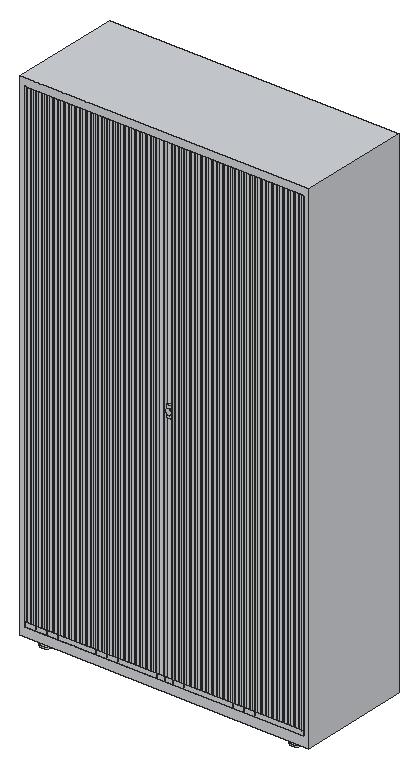
Revit family
Parameters (values of type "12T64")
  Width = 1200 mm
  Manufacturer = ""
  Height = 2111 mm
  Colour [instance] = ""
  Carbon Footprint = 0
  BLF Tambour Section = Height - 95 mm  # 2016 mm
Types (9, lengths in mm): name | Height | BLF Tambour Section
  (no name) | 2111 | 2016
  12T20 | 705 | 610
  12T24 | 857 | 762
  12T30 | 1010 | 915
  12T34 | 1160 | 1065
  12T50 | 1655 | 1560
  12T54 | 1807 | 1712
  12T60 | 1960 | 1865
  12T64 | 2111 | 2016
Reference planes
  plane 1 "Center (Front/Back)": y = 0
  plane 2: z = 0
  plane 3 "Center (Left/Right)": x = 0
  plane 4: y = 235
  plane 5: y = -235
  plane 6: x = -600
  plane 7: x = 600
  plane 8: z = 2111
  plane 9: z = 4
  plane 10: z = 25
  plane 11: z = 65
  plane 12: z = 2081
  plane 13: x = -580
  plane 14: x = 580
  plane 15: x = -0.5
  plane 16: x = 0.5
  plane 17: x = -520
  plane 18: x = 520
  plane 19: y = -195
  plane 20: y = 195
  plane 21: y = 233
  plane 22: y = -215
  plane 23: z = 1073
  plane 24: y = -233
  plane 25: z = 82
  plane 26: z = 1098
  plane 27: z = 1048
  plane 28: y = -231
  plane 29: y = -232.03
Forms (mm)
  Extrusion 1, solid
    sketch origin (0, 0, 0) x (1, 0, 0) y (0, 0, 1)
      loop
        line (-600, 2111) -> (-600, 25) -> (600, 25) -> (600, 2111) -> (-600, 2111)
      loop
        line (-580, 2081) -> (-580, 65) -> (580, 65) -> (580, 2081) -> (-580, 2081)
    from -235 to 235
  Extrusion 2, solid
    sketch origin (0, 0, 0) x (1, 0, 0) y (0, 0, 1)
      loop
        line (-580, 2081) -> (-580, 65) -> (580, 65) -> (580, 2081) -> (-580, 2081)
    from -235 to -233
  Extrusion 3, solid
    sketch origin (0, 0, 0) x (1, 0, 0) y (0, 1, 0)
      loop
        circle (-520, 195) r 25
      loop
        circle (520, 195) r 25
      loop
        circle (520, -195) r 25
      loop
        circle (-520, -195) r 25
    from 0 to 4
  Extrusion 4, solid
    sketch origin (0, 0, 0) x (1, 0, 0) y (0, 1, 0)
      loop
        circle (-520, 195) r 5
      loop
        circle (520, 195) r 5
      loop
        circle (520, -195) r 5
      loop
        circle (-520, -195) r 5
    from 4 to 25
  Extrusion 5, solid
    sketch origin (0, 0, 0) x (1, 0, 0) y (0, 1, 0)
      loop
        line (-580, -235) -> (580, -235) -> (580, -233) -> (-580, -233) -> (-580, -235)
    from 65 to 82
  Extrusion 6, solid
    sketch origin (0, 0, 0) x (1, 0, 0) y (0, 1, 0)
      loop
        line (-0.5, -215) -> (-35.5, -215) -> (-35.5, -233) -> (-31.5, -233) -> (-31.5, -223)
        spline (-31.5, -223) -> (-31.006, -221.706) -> (-29.557, -220.5) -> (-27.253, -219.464) -> (-24.25, -218.67) -> (-20.753, -218.17) -> (-17, -218) -> (-13.247, -218.17) -> (-9.75, -218.67) -> (-6.747, -219.464) -> (-4.443, -220.5) -> (-2.994, -221.706) -> (-2.5, -223)
        line (-2.5, -223) -> (-2.5, -233) -> (-0.5, -233) -> (-0.5, -215)
      loop
        line (0.5, -233) -> (2.5, -233) -> (2.5, -223)
        spline (2.5, -223) -> (2.994, -221.706) -> (4.443, -220.5) -> (6.747, -219.464) -> (9.75, -218.67) -> (13.247, -218.17) -> (17, -218) -> (20.753, -218.17) -> (24.25, -218.67) -> (27.253, -219.464) -> (29.557, -220.5) -> (31.006, -221.706) -> (31.5, -223)
        line (31.5, -223) -> (31.5, -233) -> (35.5, -233) -> (35.5, -215) -> (0.5, -215) -> (0.5, -233)
    from 65 to 2081
  Extrusion 7, solid
    sketch origin (0, 0, 0) x (1, 0, 0) y (0, 0, 1)
      loop
        line (2.5, 1073) -> (31.5, 1073) -> (31.5, 1098) -> (2.5, 1098) -> (2.5, 1073)
    from 215 to 231
  Extrusion 8, solid
    sketch origin (0, 0, -25) x (1, 0, 0) y (0, 0, 1)
      loop
        line (2.5, 1073) -> (31.5, 1073) -> (31.5, 1098) -> (2.5, 1098) -> (2.5, 1073)
    from 215 to 231
  Extrusion 9, solid
    sketch origin (0, 0, 0) x (1, 0, 0) y (0, 0, 1)
      loop
        circle (17, 1073) r 12.017
    from 215 to 232.03
Dimensions and locks
  plane 4 to plane 1 "Center (Front/Back)" to plane 5 = 235 mm locked, 235 mm locked
  equal spacing: plane 6, plane 3 "Center (Left/Right)", plane 7
  "Width": plane 6 to plane 7
  locked: plane 9 to plane 2 at 4
  locked: plane 10 to plane 9 at 21
  locked: plane 11 to plane 10 at 40
  locked: plane 8 to plane 12 at 30
  "Height": plane 8 to plane 2
  locked: plane 13 to plane 6 at 20
  locked: plane 7 to plane 14 at 20
  locked: plane 16 to plane 3 "Center (Left/Right)" at 0.5
  locked: plane 3 "Center (Left/Right)" to plane 15 at 0.5
  locked: plane 4 to plane 20 at 40
  locked: plane 19 to plane 5 at 40
  locked: plane 18 to plane 14 at 60
  locked: plane 13 to plane 17 at 60
  locked: plane 4 to plane 21 at 2
  locked: plane 22 to plane 5 at 20
  equal spacing: plane 12, plane 23, plane 11
  equal spacing: plane 26, plane 23, plane 27, locked at 25 each
  locked: plane 26 to plane 27 at 50
  equal spacing: group 1, group 3, group 4, group 5, group 6, group 7, group 8, group 9, group 10, group 11, group 12, group 13, group 14, group 15, group 16, group 17, group 18, group 19, group 20, group 21, group 22, group 23, group 24, group 2  (x3)
  equal spacing: group 25, group 27, group 28, group 29, group 30, group 31, group 32, group 33, group 34, group 35, group 36, group 37, group 38, group 39, group 40, group 41, group 42, group 43, group 44, group 45, group 46, group 47, group 48, group 26  (x3)
  radius of Extrusion 3 sketch curve = 25 mm
  aligned and locked: level to plane 2
  aligned and locked: Extrusion 1 sketch curve to plane 8
  aligned and locked: plane 6 to Extrusion 1 sketch curve
  aligned and locked: plane 10 to Extrusion 1 sketch curve
  aligned and locked: Extrusion 1 sketch curve to plane 7
  aligned and locked: Extrusion 1 sketch curve to plane 12
  aligned and locked: plane 13 to Extrusion 1 sketch curve
  aligned and locked: plane 11 to Extrusion 1 sketch curve
  aligned and locked: Extrusion 1 sketch curve to plane 14
  aligned and locked: plane 4 to Extrusion 1
  aligned and locked: Extrusion 1 to plane 5
  aligned and locked: Extrusion 2 sketch curve to Extrusion 1  (x4)
  aligned and locked: Extrusion 2 to plane 21
  aligned and locked: plane 9 to Extrusion 3
  aligned and locked: Extrusion 1 to Extrusion 5 sketch curve
  aligned and locked: Extrusion 5 sketch curve to Extrusion 1
  aligned and locked: plane 14 to Extrusion 5 sketch curve
  aligned and locked: plane 24 to Extrusion 5
  aligned and locked: Extrusion 5 to plane 11
  aligned and locked: plane 25 to Extrusion 5
  aligned and locked: plane 22 to Extrusion 6  (x2)
  aligned and locked: Extrusion 6 to Extrusion 5  (x4)
  aligned and locked: plane 12 to Extrusion 6
  aligned and locked: Extrusion 6 to plane 11
  aligned and locked: Extrusion 7 to Extrusion 6  (x2)
  aligned and locked: Extrusion 7 to plane 23
  aligned and locked: plane 26 to Extrusion 7
  aligned and locked: Extrusion 8 to Extrusion 6  (x2)
  aligned and locked: plane 22 to Extrusion 7
  aligned and locked: Extrusion 7 to plane 28
  aligned and locked: Extrusion 8 to Extrusion 7
  aligned and locked: plane 22 to Extrusion 8
  aligned and locked: Extrusion 7 to Extrusion 8  (x2)
  aligned and locked: plane 23 to Extrusion 8
  aligned and locked: Extrusion 9 to plane 29
  aligned and locked: plane 22 to Extrusion 9
  aligned and locked: plane 27 to Extrusion 8
  aligned and locked: Extrusion 7 to plane 26
  aligned and locked: Extrusion 1 to nested 1
  aligned and locked: nested 1 to Extrusion 5
  aligned and locked: Extrusion 6 to nested 1
  aligned and locked: plane 22 to nested 1
  aligned and locked: plane 11 to nested 25
  aligned and locked: plane 12 to nested 25
  aligned and locked: plane 22 to nested 25
Automatic sketch dimensions
  Extrusion 3 sketch curve to plane 17 = 0 mm  (x2)
  Extrusion 3 sketch curve to plane 18 = 0 mm  (x2)
  Extrusion 3 sketch curve to plane 19 = 0 mm  (x2)
  Extrusion 3 sketch curve to plane 20 = 0 mm  (x2)
  Extrusion 4 sketch curve to plane 17 = 0 mm  (x2)
  Extrusion 4 sketch curve to plane 18 = 0 mm  (x2)
  Extrusion 4 sketch curve to plane 19 = 0 mm  (x2)
  Extrusion 4 sketch curve to plane 20 = 0 mm  (x2)
  Extrusion 5 sketch curve to plane 24 = 0 mm
  Extrusion 6 sketch curve to plane 24 = 0 mm  (x4)
  Extrusion 6 sketch curve to plane 22 = 0 mm  (x2)
  Extrusion 6 sketch curve to plane 15 = 0 mm
  Extrusion 6 sketch curve to plane 16 = 0 mm
  Extrusion 6 sketch curve to plane 15 = 2 mm
  Extrusion 6 sketch curve to Extrusion 6 sketch curve = 14.5 mm  (x2)
  Extrusion 6 sketch curve to Extrusion 6 sketch curve = 4 mm  (x2)
  Extrusion 6 sketch curve to Extrusion 6 sketch curve = 2 mm
  Extrusion 6 sketch curve to plane 22 = 8 mm  (x2)
  Extrusion 7 sketch curve to plane 26 = 0 mm
  Extrusion 7 sketch curve to plane 23 = 0 mm
  plane 16 to Extrusion 7 sketch curve = 2 mm
  Extrusion 7 sketch curve to Extrusion 7 sketch curve = 29 mm
  Extrusion 8 sketch curve to plane 23 = 0 mm
  plane 16 to Extrusion 8 sketch curve = 2 mm
  Extrusion 8 sketch curve to Extrusion 8 sketch curve = 29 mm
  Extrusion 8 sketch curve to plane 23 = 25 mm
  Extrusion 9 sketch curve to plane 23 = 0 mm
  plane 16 to Extrusion 9 sketch curve = 16.5 mm
  radius of Extrusion 3 sketch curve = 25 mm  (x3)
  radius of Extrusion 4 sketch curve = 5 mm  (x4)
  radius of Extrusion 9 sketch curve = 12.017 mm
Nested families
  nested 1: "BLF Tambour Section" at (35.5, -215, 65), type "BLF Tambour Section"
    with Tambour Section Height 2016 mm
  nested 2: "BLF Tambour Section" at (558.084, -215, 65), type "BLF Tambour Section"
    with Tambour Section Height 2016 mm
  nested 3: "BLF Tambour Section" at (58.221, -215, 65), type "BLF Tambour Section"
    with Tambour Section Height 2016 mm
  nested 4: "BLF Tambour Section" at (80.942, -215, 65), type "BLF Tambour Section"
    with Tambour Section Height 2016 mm
  nested 5: "BLF Tambour Section" at (103.663, -215, 65), type "BLF Tambour Section"
    with Tambour Section Height 2016 mm
  nested 6: "BLF Tambour Section" at (126.384, -215, 65), type "BLF Tambour Section"
    with Tambour Section Height 2016 mm
  nested 7: "BLF Tambour Section" at (149.105, -215, 65), type "BLF Tambour Section"
    with Tambour Section Height 2016 mm
  nested 8: "BLF Tambour Section" at (171.826, -215, 65), type "BLF Tambour Section"
    with Tambour Section Height 2016 mm
  nested 9: "BLF Tambour Section" at (194.547, -215, 65), type "BLF Tambour Section"
    with Tambour Section Height 2016 mm
  nested 10: "BLF Tambour Section" at (217.268, -215, 65), type "BLF Tambour Section"
    with Tambour Section Height 2016 mm
  nested 11: "BLF Tambour Section" at (239.989, -215, 65), type "BLF Tambour Section"
    with Tambour Section Height 2016 mm
  nested 12: "BLF Tambour Section" at (262.71, -215, 65), type "BLF Tambour Section"
    with Tambour Section Height 2016 mm
  nested 13: "BLF Tambour Section" at (285.431, -215, 65), type "BLF Tambour Section"
    with Tambour Section Height 2016 mm
  nested 14: "BLF Tambour Section" at (308.152, -215, 65), type "BLF Tambour Section"
    with Tambour Section Height 2016 mm
  nested 15: "BLF Tambour Section" at (330.873, -215, 65), type "BLF Tambour Section"
    with Tambour Section Height 2016 mm
  nested 16: "BLF Tambour Section" at (353.594, -215, 65), type "BLF Tambour Section"
    with Tambour Section Height 2016 mm
  nested 17: "BLF Tambour Section" at (376.315, -215, 65), type "BLF Tambour Section"
    with Tambour Section Height 2016 mm
  nested 18: "BLF Tambour Section" at (399.036, -215, 65), type "BLF Tambour Section"
    with Tambour Section Height 2016 mm
  nested 19: "BLF Tambour Section" at (421.758, -215, 65), type "BLF Tambour Section"
    with Tambour Section Height 2016 mm
  nested 20: "BLF Tambour Section" at (444.479, -215, 65), type "BLF Tambour Section"
    with Tambour Section Height 2016 mm
  nested 21: "BLF Tambour Section" at (467.2, -215, 65), type "BLF Tambour Section"
    with Tambour Section Height 2016 mm
  nested 22: "BLF Tambour Section" at (489.921, -215, 65), type "BLF Tambour Section"
    with Tambour Section Height 2016 mm
  nested 23: "BLF Tambour Section" at (512.642, -215, 65), type "BLF Tambour Section"
    with Tambour Section Height 2016 mm
  nested 24: "BLF Tambour Section" at (535.363, -215, 65), type "BLF Tambour Section"
    with Tambour Section Height 2016 mm
  nested 25: "BLF Tambour Section" at (-580, -215, 65), type "BLF Tambour Section"
    with Tambour Section Height 2016 mm
  nested 26: "BLF Tambour Section" at (-57.416, -215, 65), type "BLF Tambour Section"
    with Tambour Section Height 2016 mm
  nested 27: "BLF Tambour Section" at (-557.279, -215, 65), type "BLF Tambour Section"
    with Tambour Section Height 2016 mm
  nested 28: "BLF Tambour Section" at (-534.558, -215, 65), type "BLF Tambour Section"
    with Tambour Section Height 2016 mm
  nested 29: "BLF Tambour Section" at (-511.837, -215, 65), type "BLF Tambour Section"
    with Tambour Section Height 2016 mm
  nested 30: "BLF Tambour Section" at (-489.116, -215, 65), type "BLF Tambour Section"
    with Tambour Section Height 2016 mm
  nested 31: "BLF Tambour Section" at (-466.395, -215, 65), type "BLF Tambour Section"
    with Tambour Section Height 2016 mm
  nested 32: "BLF Tambour Section" at (-443.674, -215, 65), type "BLF Tambour Section"
    with Tambour Section Height 2016 mm
  nested 33: "BLF Tambour Section" at (-420.953, -215, 65), type "BLF Tambour Section"
    with Tambour Section Height 2016 mm
  nested 34: "BLF Tambour Section" at (-398.232, -215, 65), type "BLF Tambour Section"
    with Tambour Section Height 2016 mm
  nested 35: "BLF Tambour Section" at (-375.511, -215, 65), type "BLF Tambour Section"
    with Tambour Section Height 2016 mm
  nested 36: "BLF Tambour Section" at (-352.79, -215, 65), type "BLF Tambour Section"
    with Tambour Section Height 2016 mm
  nested 37: "BLF Tambour Section" at (-330.069, -215, 65), type "BLF Tambour Section"
    with Tambour Section Height 2016 mm
  nested 38: "BLF Tambour Section" at (-307.348, -215, 65), type "BLF Tambour Section"
    with Tambour Section Height 2016 mm
  nested 39: "BLF Tambour Section" at (-284.627, -215, 65), type "BLF Tambour Section"
    with Tambour Section Height 2016 mm
  nested 40: "BLF Tambour Section" at (-261.906, -215, 65), type "BLF Tambour Section"
    with Tambour Section Height 2016 mm
  nested 41: "BLF Tambour Section" at (-239.185, -215, 65), type "BLF Tambour Section"
    with Tambour Section Height 2016 mm
  nested 42: "BLF Tambour Section" at (-216.464, -215, 65), type "BLF Tambour Section"
    with Tambour Section Height 2016 mm
  nested 43: "BLF Tambour Section" at (-193.742, -215, 65), type "BLF Tambour Section"
    with Tambour Section Height 2016 mm
  nested 44: "BLF Tambour Section" at (-171.021, -215, 65), type "BLF Tambour Section"
    with Tambour Section Height 2016 mm
  nested 45: "BLF Tambour Section" at (-148.3, -215, 65), type "BLF Tambour Section"
    with Tambour Section Height 2016 mm
  nested 46: "BLF Tambour Section" at (-125.579, -215, 65), type "BLF Tambour Section"
    with Tambour Section Height 2016 mm
  nested 47: "BLF Tambour Section" at (-102.858, -215, 65), type "BLF Tambour Section"
    with Tambour Section Height 2016 mm
  nested 48: "BLF Tambour Section" at (-80.137, -215, 65), type "BLF Tambour Section"
    with Tambour Section Height 2016 mm
Definition of nested family "BLF Tambour Section"
  Parameters (values of type "BLF Tambour Section")
    Tambour Section Width = 21.916 mm
    Tambour Section Height = 610 mm
    Tambour Section Depth = 16.959 mm
    Assembly Code = ""
  Reference planes
    plane 1 "Center (Front/Back)": y = 0
    plane 2: z = 0
    plane 3 "Center (Left/Right)": x = 0
  Forms (mm)
    Extrusion 1, solid
      sketch origin (0, 0, 0) x (1, 0, 0) y (0, 1, 0)
        loop
          line (0, 0) -> (0, -16) -> (10.958, -16.959) -> (21.916, -16) -> (21.916, 0) -> (0, 0)
      from 0 to 610
  Dimensions and locks
    "Tambour Section Width": Extrusion 1 sketch curve to Extrusion 1 sketch curve
    "Tambour Section Depth": Extrusion 1 sketch curve to Extrusion 1 sketch curve
    "Tambour Section Height": Extrusion 1 to plane 2
    aligned and locked: level to plane 2
    aligned and locked: Extrusion 1 sketch curve to plane 3 "Center (Left/Right)"
    aligned and locked: Extrusion 1 sketch curve to plane 1 "Center (Front/Back)"
  Automatic sketch dimensions
    plane 3 "Center (Left/Right)" to Extrusion 1 sketch curve = 10.958 mm
    Extrusion 1 sketch curve to Extrusion 1 sketch curve = 0.959 mm  (x2)
